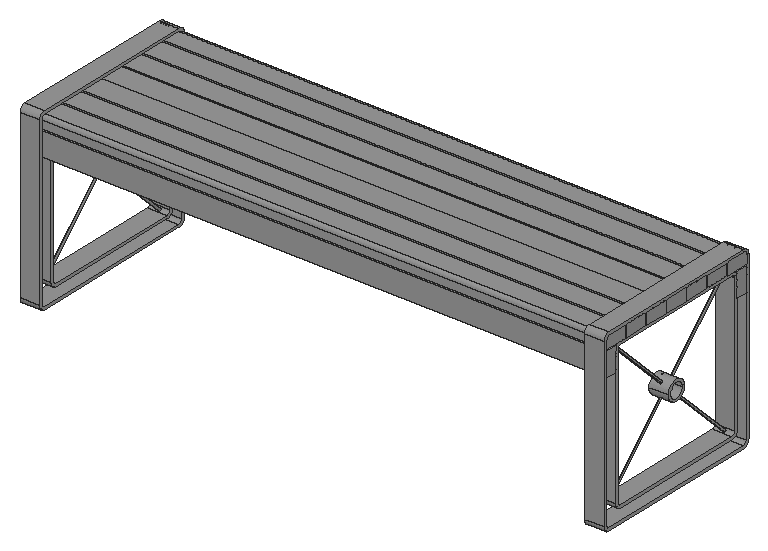
Revit family "Банкетка стальная «София» без подлокотников Арт 13184", category Антураж, Revit 2018
Family settings
  На основе рабочей плоскости = Нет
  Всегда вертикально = Да
  При загрузке вырезать с полостями = Нет
  Источник визуального образа = Геометрия семейства
  Общий = Нет
  Точка расчета площади = Нет
Parameters (values of type "Версия 1,5 м")
  Ширина = 462 mm  # constant formula
  Цвет каркаса = Сталь
  Описание = if([Версия 1,5 м], "Банкетка стальная «София» без подлокотников. Версия 1,5 м", if([Версия 1,8 м], "Банкетка стальная «София» без подлокотников. Версия 1,8 м", "Банкетка стальная «София» без подлокотников. Версия 2,0 м"))  # "Банкетка стальная «София» без подлокотников. Версия 1,5 м"
  Материал изделия = ""
  Изображение типоразмера = Банкетка стальная «София» без подлокотников Арт 13184.jpg
  Изготовитель = "ООО «Хоббика»"  # constant formula
  Длина = if([Версия 1,5 м], 1500 mm, if([Версия 1,8 м], 1800 mm, 2000 mm))  # 1500 mm
  Группа модели = "Садовые скамейки"  # constant formula
  Высота = 457 mm  # constant formula
  Версия 1,8 м = yes
  Версия 1,5 м = yes
  Артикул товара = "Арт. 13184"  # constant formula
  URL = "https://hobbyka.ru/product/banketka_stalnaya_sofiya/"
Types (4, lengths in mm): name | Описание | Длина | Версия 1,8 м | Версия 1,5 м
  (no name) | "Банкетка стальная «София» без подлокотников. Версия 1,5 м" | 1500 | yes | yes
  Версия 2,0 м | "Банкетка стальная «София» без подлокотников. Версия 2,0 м" | 2000 | no | no
  Версия 1,8 м | "Банкетка стальная «София» без подлокотников. Версия 1,8 м" | 1800 | yes | no
  Версия 1,5 м | "Банкетка стальная «София» без подлокотников. Версия 1,5 м" | 1500 | yes | yes
Reference planes
  plane 1 "По центру (Вперед/Назад)": y = 0
  plane 2: z = 0
  plane 3 "По центру (Влево/Вправо)": x = 0
  plane 4: x = 1500
  plane 5: x = 1450
  plane 6: x = 50
  plane 7: y = 462
  plane 8: z = 457
  plane 9: x = 25
  plane 10: x = 1475
Forms (mm)
  Extrusion 1, solid, material "Сталь" <- "Цвет каркаса"
    sketch origin (0, 0, 0) x (0, 1, 0) y (0, 0, 1)
      loop
        line (447, 457) -> (15, 457)
        arc (15, 457) -> (4.393, 452.607) -> (0, 442) r 15
        line (0, 442) -> (0, 15)
        arc (0, 15) -> (4.393, 4.393) -> (15, 0) r 15
        line (15, 0) -> (447, 0)
        arc (447, 0) -> (457.607, 4.393) -> (462, 15) r 15
        line (462, 15) -> (462, 442)
        arc (462, 442) -> (457.607, 452.607) -> (447, 457) r 15
      loop
        line (447, 451) -> (15, 451)
        arc (15, 451) -> (8.636, 448.364) -> (6, 442) r 9
        line (6, 442) -> (6, 15)
        arc (6, 15) -> (8.636, 8.636) -> (15, 6) r 9
        line (15, 6) -> (447, 6)
        arc (447, 6) -> (453.364, 8.636) -> (456, 15) r 9
        line (456, 15) -> (456, 442)
        arc (456, 442) -> (453.364, 448.364) -> (447, 451) r 9
      loop
        line (410, 420) -> (52, 420)
        arc (52, 420) -> (41.393, 415.607) -> (37, 405) r 15
        line (37, 405) -> (37, 52)
        arc (37, 52) -> (41.393, 41.393) -> (52, 37) r 15
        line (52, 37) -> (410, 37)
        arc (410, 37) -> (420.607, 41.393) -> (425, 52) r 15
        line (425, 52) -> (425, 405)
        arc (425, 405) -> (420.607, 415.607) -> (410, 420) r 15
      loop
        line (410, 414) -> (52, 414)
        arc (52, 414) -> (45.636, 411.364) -> (43, 405) r 9
        line (43, 405) -> (43, 52)
        arc (43, 52) -> (45.636, 45.636) -> (52, 43) r 9
        line (52, 43) -> (410, 43)
        arc (410, 43) -> (416.364, 45.636) -> (419, 52) r 9
        line (419, 52) -> (419, 405)
        arc (419, 405) -> (416.364, 411.364) -> (410, 414) r 9
      loop
        circle (231, 228.326) r 25
      loop
        circle (231, 228.326) r 20
    from 0 to 50
  Extrusion 2, solid, material "Сталь" <- "Цвет каркаса"
    sketch origin (0, 0, 0) x (0, 1, 0) y (0, 0, 1)
      loop
        line (447, 457) -> (15, 457)
        arc (15, 457) -> (4.393, 452.607) -> (0, 442) r 15
        line (0, 442) -> (0, 15)
        arc (0, 15) -> (4.393, 4.393) -> (15, 0) r 15
        line (15, 0) -> (447, 0)
        arc (447, 0) -> (457.607, 4.393) -> (462, 15) r 15
        line (462, 15) -> (462, 442)
        arc (462, 442) -> (457.607, 452.607) -> (447, 457) r 15
      loop
        line (447, 451) -> (15, 451)
        arc (15, 451) -> (8.636, 448.364) -> (6, 442) r 9
        line (6, 442) -> (6, 15)
        arc (6, 15) -> (8.636, 8.636) -> (15, 6) r 9
        line (15, 6) -> (447, 6)
        arc (447, 6) -> (453.364, 8.636) -> (456, 15) r 9
        line (456, 15) -> (456, 442)
        arc (456, 442) -> (453.364, 448.364) -> (447, 451) r 9
      loop
        line (410, 420) -> (52, 420)
        arc (52, 420) -> (41.393, 415.607) -> (37, 405) r 15
        line (37, 405) -> (37, 52)
        arc (37, 52) -> (41.393, 41.393) -> (52, 37) r 15
        line (52, 37) -> (410, 37)
        arc (410, 37) -> (420.607, 41.393) -> (425, 52) r 15
        line (425, 52) -> (425, 405)
        arc (425, 405) -> (420.607, 415.607) -> (410, 420) r 15
      loop
        line (410, 414) -> (52, 414)
        arc (52, 414) -> (45.636, 411.364) -> (43, 405) r 9
        line (43, 405) -> (43, 52)
        arc (43, 52) -> (45.636, 45.636) -> (52, 43) r 9
        line (52, 43) -> (410, 43)
        arc (410, 43) -> (416.364, 45.636) -> (419, 52) r 9
        line (419, 52) -> (419, 405)
        arc (419, 405) -> (416.364, 411.364) -> (410, 414) r 9
      loop
        circle (231, 228.326) r 25
      loop
        circle (231, 228.326) r 20
    from 1450 to 1500
  Sweep 3, solid, material "Сталь" <- "Цвет каркаса"
    path origin (0, 0, 0) x (0, 1, 0) y (0, 0, 1)
      loop
        line (45.892, 411.61) -> (213.427, 246.108)
    profile origin (0, 129.66, 328.859) x (0, 0.702774, 0.711413) y (1, 0, 0)
      loop
        circle (0, 25) r 2.5
  Sweep 4, solid, material "Сталь" <- "Цвет каркаса"
    path origin (0, 2.674, 459.326) x (0, 0, -1) y (0, 1, 0)
      loop
        line (47.962, 413.69) -> (213.355, 246.036)
    profile origin (0, 332.537, 328.668) x (0, 0.70229, -0.711891) y (1, 0, 0)
      loop
        circle (0, 25) r 2.5
  Sweep 5, solid, material "Сталь" <- "Цвет каркаса"
    path origin (0, 0, 456.652) x (0, 1, 0) y (0, 0, -1)
      loop
        line (45.892, 411.61) -> (213.427, 246.108)
    profile origin (0, 129.66, 127.793) x (0, -0.702774, 0.711413) y (1, 0, 0)
      loop
        circle (0, 25) r 2.5
  Sweep 6, solid, material "Сталь" <- "Цвет каркаса"
    path origin (0, 2.674, -2.674) x (0, 0, 1) y (0, -1, 0)
      loop
        line (47.962, -413.69) -> (213.355, -246.036)
    profile origin (0, 332.537, 127.985) x (0, -0.70229, -0.711891) y (1, 0, 0)
      loop
        circle (0, 25) r 2.5
  Sweep 7, solid, material "Сталь" <- "Цвет каркаса"
    path origin (1450, 974.988, 1200) x (0, 1, 0) y (0, 0, 1)
      loop
        line (-929.097, -788.39) -> (-761.561, -953.892)
    profile origin (1450, 129.66, 328.859) x (0, 0.702774, 0.711413) y (1, 0, 0)
      loop
        circle (0, 25) r 2.5
  Sweep 8, solid, material "Сталь" <- "Цвет каркаса"
    path origin (1450, 974.988, 1200) x (0, 1, 0) y (0, 0, 1)
      loop
        line (-558.625, -788.636) -> (-726.278, -954.029)
    profile origin (1450, 332.537, 328.668) x (0, 0.70229, -0.711891) y (1, 0, 0)
      loop
        circle (0, 25) r 2.5
  Sweep 9, solid, material "Сталь" <- "Цвет каркаса"
    path origin (1450, 974.988, 1200) x (0, 1, 0) y (0, 0, 1)
      loop
        line (-929.097, -1154.957) -> (-761.561, -989.456)
    profile origin (1450, 129.66, 127.793) x (0, -0.702774, 0.711413) y (1, 0, 0)
      loop
        circle (0, 25) r 2.5
  Sweep 10, solid, material "Сталь" <- "Цвет каркаса"
    path origin (1450, 974.988, 1200) x (0, 1, 0) y (0, 0, 1)
      loop
        line (-558.625, -1154.712) -> (-726.278, -989.319)
    profile origin (1450, 332.537, 127.985) x (0, -0.70229, -0.711891) y (1, 0, 0)
      loop
        circle (0, 25) r 2.5
  Extrusion 11, solid, material "Дерево"
    sketch origin (0, 0, 0) x (0, 1, 0) y (0, 0, 1)
      loop
        line (396, 420) -> (456, 420) -> (456, 442)
        arc (456, 442) -> (453.364, 448.364) -> (447, 451) r 9
        line (447, 451) -> (396, 451) -> (396, 420)
      loop
        line (391, 451) -> (331, 451) -> (331, 420) -> (391, 420) -> (391, 451)
      loop
        line (326, 451) -> (266, 451) -> (266, 420) -> (326, 420) -> (326, 451)
      loop
        line (261, 451) -> (201, 451) -> (201, 420) -> (261, 420) -> (261, 451)
      loop
        line (196, 451) -> (136, 451) -> (136, 420) -> (196, 420) -> (196, 451)
      loop
        line (131, 451) -> (71, 451) -> (71, 420) -> (131, 420) -> (131, 451)
      loop
        line (66, 420) -> (66, 451) -> (15, 451)
        arc (15, 451) -> (8.636, 448.364) -> (6, 442) r 9
        line (6, 442) -> (6, 420) -> (66, 420)
      loop
        line (37, 415) -> (6, 415) -> (6, 355) -> (37, 355) -> (37, 415)
      loop
        line (456, 415) -> (425, 415) -> (425, 355) -> (456, 355) -> (456, 415)
    from 0 to 1500
Dimensions and locks
  "Ширина": plane 7 to plane 1 "По центру (Вперед/Назад)"
  "Длина": plane 3 "По центру (Влево/Вправо)" to plane 4
  locked: plane 3 "По центру (Влево/Вправо)" to plane 6 at 50
  locked: plane 5 to plane 4 at 50
  "Высота": plane 8 to level
  equal spacing: plane 3 "По центру (Влево/Вправо)", plane 9, plane 6
  equal spacing: plane 5, plane 10, plane 4
  aligned and locked: level to plane 2
  aligned and locked: Extrusion 1 to plane 3 "По центру (Влево/Вправо)"
  aligned and locked: plane 6 to Extrusion 1
  aligned and locked: plane 4 to Extrusion 2
  aligned and locked: Extrusion 2 to plane 5
  aligned and locked: Extrusion 11 to plane 3 "По центру (Влево/Вправо)"
  aligned and locked: plane 4 to Extrusion 11
Automatic sketch dimensions
  Extrusion 1 sketch curve to Extrusion 1 sketch curve = 0 mm  (x18)
  Extrusion 1 sketch curve to plane 1 "По центру (Вперед/Назад)" = 0 mm
  Extrusion 1 sketch curve to level = 0 mm
  Extrusion 1 sketch curve to plane 8 = 0 mm
  Extrusion 1 sketch curve to plane 7 = 0 mm
  Extrusion 1 sketch curve to plane 1 "По центру (Вперед/Назад)" = 6 mm
  Extrusion 1 sketch curve to plane 1 "По центру (Вперед/Назад)" = 15 mm
  Extrusion 1 sketch curve to Extrusion 1 sketch curve = 9 mm  (x6)
  Extrusion 1 sketch curve to plane 1 "По центру (Вперед/Назад)" = 37 mm
  Extrusion 1 sketch curve to Extrusion 1 sketch curve = 6 mm
  Extrusion 1 sketch curve to plane 1 "По центру (Вперед/Назад)" = 231 mm
  Extrusion 1 sketch curve to plane 7 = 52 mm
  Extrusion 1 sketch curve to Extrusion 1 sketch curve = 46 mm
  level to Extrusion 1 sketch curve = 37 mm
  level to Extrusion 1 sketch curve = 228.326 mm
  Extrusion 1 sketch curve to plane 8 = 52 mm
  Extrusion 2 sketch curve to Extrusion 2 sketch curve = 0 mm  (x28)
  Extrusion 2 sketch curve to plane 1 "По центру (Вперед/Назад)" = 0 mm
  Extrusion 2 sketch curve to level = 0 mm
  Extrusion 2 sketch curve to plane 8 = 0 mm
  Extrusion 2 sketch curve to plane 7 = 0 mm
  Extrusion 2 sketch curve to plane 1 "По центру (Вперед/Назад)" = 6 mm
  Extrusion 2 sketch curve to Extrusion 2 sketch curve = 9 mm  (x7)
  Extrusion 2 sketch curve to plane 1 "По центру (Вперед/Назад)" = 37 mm
  Extrusion 2 sketch curve to Extrusion 2 sketch curve = 6 mm
  Extrusion 2 sketch curve to plane 1 "По центру (Вперед/Назад)" = 231 mm
  Extrusion 2 sketch curve to plane 7 = 52 mm
  Extrusion 2 sketch curve to Extrusion 2 sketch curve = 46 mm
  level to Extrusion 2 sketch curve = 37 mm
  level to Extrusion 2 sketch curve = 228.326 mm
  Extrusion 2 sketch curve to plane 8 = 52 mm
  Extrusion 2 sketch curve to Extrusion 2 sketch curve = 25 mm
  Extrusion 2 sketch curve to Extrusion 2 sketch curve = 5 mm
  Sweep 3 sketch curve to plane 1 "По центру (Вперед/Назад)" = 45.892 mm
  Sweep 3 sketch curve to plane 8 = 210.892 mm
  Sweep 3 sketch curve to plane 1 "По центру (Вперед/Назад)" = 213.427 mm
  Sweep 3 sketch curve to plane 8 = 45.39 mm
  Sweep 3 sketch curve to profile plane = 0 mm
  plane 3 "По центру (Влево/Вправо)" to Sweep 3 sketch curve = 25 mm
  Sweep 4 sketch curve to plane 8 = 45.636 mm
  Sweep 4 sketch curve to plane 7 = 213.29 mm
  Sweep 4 sketch curve to plane 8 = 211.029 mm
  Sweep 4 sketch curve to plane 7 = 45.636 mm
  Sweep 4 sketch curve to profile plane = 0 mm
  profile plane to Sweep 4 sketch curve = 25 mm
  plane 1 "По центру (Вперед/Назад)" to Sweep 5 sketch curve = 45.892 mm
  Sweep 5 sketch curve to level = 210.544 mm
  plane 1 "По центру (Вперед/Назад)" to Sweep 5 sketch curve = 213.427 mm
  Sweep 5 sketch curve to level = 45.043 mm
  Sweep 5 sketch curve to profile plane = 0 mm
  plane 3 "По центру (Влево/Вправо)" to Sweep 5 sketch curve = 25 mm
  level to Sweep 6 sketch curve = 45.288 mm
  Sweep 6 sketch curve to plane 7 = 45.636 mm
  level to Sweep 6 sketch curve = 210.681 mm
  Sweep 6 sketch curve to plane 7 = 213.29 mm
  Sweep 6 sketch curve to profile plane = 0 mm
  profile plane to Sweep 6 sketch curve = 25 mm
  Sweep 7 sketch curve to profile plane = 0 mm
  profile plane to Sweep 7 sketch curve = 25 mm
  Sweep 8 sketch curve to profile plane = 0 mm
  profile plane to Sweep 8 sketch curve = 25 mm
  Sweep 9 sketch curve to profile plane = 0 mm
  profile plane to Sweep 9 sketch curve = 25 mm
  Sweep 10 sketch curve to profile plane = 0 mm
  profile plane to Sweep 10 sketch curve = 25 mm
  Sweep 7 sketch curve to plane 1 "По центру (Вперед/Назад)" = 45.892 mm
  Sweep 7 sketch curve to plane 8 = 210.892 mm
  Sweep 7 sketch curve to plane 1 "По центру (Вперед/Назад)" = 213.427 mm
  Sweep 7 sketch curve to plane 8 = 45.39 mm
  Sweep 8 sketch curve to plane 7 = 213.29 mm
  Sweep 8 sketch curve to plane 8 = 211.029 mm
  Sweep 8 sketch curve to plane 7 = 45.636 mm
  Sweep 8 sketch curve to plane 8 = 45.636 mm
  Sweep 9 sketch curve to plane 1 "По центру (Вперед/Назад)" = 45.892 mm
  level to Sweep 9 sketch curve = 45.043 mm
  Sweep 9 sketch curve to plane 1 "По центру (Вперед/Назад)" = 213.427 mm
  level to Sweep 9 sketch curve = 210.544 mm
  Sweep 10 sketch curve to plane 7 = 213.29 mm
  level to Sweep 10 sketch curve = 45.288 mm
  Sweep 10 sketch curve to plane 7 = 45.636 mm
  level to Sweep 10 sketch curve = 210.681 mm
  Extrusion 11 sketch curve to plane 1 "По центру (Вперед/Назад)" = 6 mm  (x2)
  Extrusion 11 sketch curve to Extrusion 11 sketch curve = 9 mm
  Extrusion 11 sketch curve to Extrusion 11 sketch curve = 31 mm  (x2)
  Extrusion 11 sketch curve to plane 8 = 6 mm  (x3)
  Extrusion 11 sketch curve to Extrusion 11 sketch curve = 29 mm
  Extrusion 11 sketch curve to Extrusion 11 sketch curve = 5 mm  (x8)
  Extrusion 11 sketch curve to Extrusion 11 sketch curve = 60 mm  (x7)
  Extrusion 11 sketch curve to plane 7 = 37 mm
  Extrusion 11 sketch curve to plane 7 = 15 mm
  Extrusion 11 sketch curve to plane 7 = 6 mm  (x2)
  Extrusion 11 sketch curve to plane 8 = 37 mm
  Extrusion 11 sketch curve to Extrusion 11 sketch curve = 0 mm  (x9)
  radius of Extrusion 1 sketch curve = 25 mm
  radius of Extrusion 1 sketch curve = 20 mm
  radius of Sweep 3 sketch curve = 2.5 mm
  radius of Sweep 4 sketch curve = 2.5 mm
  radius of Sweep 5 sketch curve = 2.5 mm
  radius of Sweep 6 sketch curve = 2.5 mm
  radius of Sweep 7 sketch curve = 2.5 mm
  radius of Sweep 8 sketch curve = 2.5 mm
  radius of Sweep 9 sketch curve = 2.5 mm
  radius of Sweep 10 sketch curve = 2.5 mm
